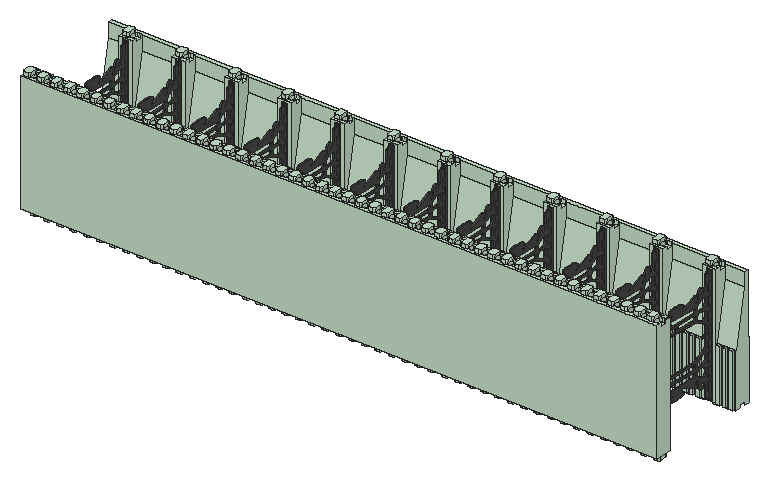
Revit family (continued)
Forms (in)
  Extrusion 172, solid, material "NUDURA Expanded Polystyrene Foam Insulation"
    sketch origin (0, 0, 0) x (1, 0, 0) y (0, 1, 0)
      loop
        line (6.28117, 3.25) -> (6.21883, 3) -> (6.78117, 3) -> (6.71883, 3.25) -> (6.28117, 3.25)
      loop
        line (7.28117, 3.25) -> (7.21883, 3) -> (7.78117, 3) -> (7.71883, 3.25) -> (7.28117, 3.25)
      loop
        line (8.28117, 3.25) -> (8.21883, 3) -> (8.78117, 3) -> (8.71883, 3.25) -> (8.28117, 3.25)
      loop
        line (9.28117, 3.25) -> (9.21883, 3) -> (9.78117, 3) -> (9.71883, 3.25) -> (9.28117, 3.25)
      loop
        line (10.28117, 3.25) -> (10.21883, 3) -> (10.78117, 3) -> (10.71883, 3.25) -> (10.28117, 3.25)
      loop
        line (13.28117, 3.25) -> (13.21883, 3) -> (13.78117, 3) -> (13.71883, 3.25) -> (13.28117, 3.25)
      loop
        line (14.28117, 3.25) -> (14.21883, 3) -> (14.78117, 3) -> (14.71883, 3.25) -> (14.28117, 3.25)
      loop
        line (15.28117, 3.25) -> (15.21883, 3) -> (15.78117, 3) -> (15.71883, 3.25) -> (15.28117, 3.25)
      loop
        line (16.28117, 3.25) -> (16.21883, 3) -> (16.78117, 3) -> (16.71883, 3.25) -> (16.28117, 3.25)
      loop
        line (17.28117, 3.25) -> (17.21883, 3) -> (17.78117, 3) -> (17.71883, 3.25) -> (17.28117, 3.25)
      loop
        line (18.28117, 3.25) -> (18.21883, 3) -> (18.78117, 3) -> (18.71883, 3.25) -> (18.28117, 3.25)
      loop
        line (21.28117, 3.25) -> (21.21883, 3) -> (21.78117, 3) -> (21.71883, 3.25) -> (21.28117, 3.25)
      loop
        line (22.28117, 3.25) -> (22.21883, 3) -> (22.78117, 3) -> (22.71883, 3.25) -> (22.28117, 3.25)
      loop
        line (23.28117, 3.25) -> (23.21883, 3) -> (23.78117, 3) -> (23.71883, 3.25) -> (23.28117, 3.25)
      loop
        line (24.28117, 3.25) -> (24.21883, 3) -> (24.78117, 3) -> (24.71883, 3.25) -> (24.28117, 3.25)
      loop
        line (25.28117, 3.25) -> (25.21883, 3) -> (25.78117, 3) -> (25.71883, 3.25) -> (25.28117, 3.25)
      loop
        line (26.28117, 3.25) -> (26.21883, 3) -> (26.78117, 3) -> (26.71883, 3.25) -> (26.28117, 3.25)
      loop
        line (29.28117, 3.25) -> (29.21883, 3) -> (29.78117, 3) -> (29.71883, 3.25) -> (29.28117, 3.25)
      loop
        line (30.28117, 3.25) -> (30.21883, 3) -> (30.78117, 3) -> (30.71883, 3.25) -> (30.28117, 3.25)
      loop
        line (31.28117, 3.25) -> (31.21883, 3) -> (31.78117, 3) -> (31.71883, 3.25) -> (31.28117, 3.25)
      loop
        line (32.28117, 3.25) -> (32.21883, 3) -> (32.78117, 3) -> (32.71883, 3.25) -> (32.28117, 3.25)
      loop
        line (33.28117, 3.25) -> (33.21883, 3) -> (33.78117, 3) -> (33.71883, 3.25) -> (33.28117, 3.25)
      loop
        line (34.28117, 3.25) -> (34.21883, 3) -> (34.78117, 3) -> (34.71883, 3.25) -> (34.28117, 3.25)
      loop
        line (37.28117, 3.25) -> (37.21883, 3) -> (37.78117, 3) -> (37.71883, 3.25) -> (37.28117, 3.25)
      loop
        line (38.28117, 3.25) -> (38.21883, 3) -> (38.78117, 3) -> (38.71883, 3.25) -> (38.28117, 3.25)
      loop
        line (39.28117, 3.25) -> (39.21883, 3) -> (39.78117, 3) -> (39.71883, 3.25) -> (39.28117, 3.25)
      loop
        line (40.28117, 3.25) -> (40.21883, 3) -> (40.78117, 3) -> (40.71883, 3.25) -> (40.28117, 3.25)
      loop
        line (41.28117, 3.25) -> (41.21883, 3) -> (41.78117, 3) -> (41.71883, 3.25) -> (41.28117, 3.25)
      loop
        line (42.28117, 3.25) -> (42.21883, 3) -> (42.78117, 3) -> (42.71883, 3.25) -> (42.28117, 3.25)
      loop
        line (45.28117, 3.25) -> (45.21883, 3) -> (45.78117, 3) -> (45.71883, 3.25) -> (45.28117, 3.25)
      loop
        line (46.28117, 3.25) -> (46.21883, 3) -> (46.78117, 3) -> (46.71883, 3.25) -> (46.28117, 3.25)
      loop
        line (47.28117, 3.25) -> (47.21883, 3) -> (47.78117, 3) -> (47.71883, 3.25) -> (47.28117, 3.25)
      loop
        line (48.28117, 3.25) -> (48.21883, 3) -> (48.78117, 3) -> (48.71883, 3.25) -> (48.28117, 3.25)
      loop
        line (49.28117, 3.25) -> (49.21883, 3) -> (49.78117, 3) -> (49.71883, 3.25) -> (49.28117, 3.25)
      loop
        line (50.28117, 3.25) -> (50.21883, 3) -> (50.78117, 3) -> (50.71883, 3.25) -> (50.28117, 3.25)
      loop
        line (53.28117, 3.25) -> (53.21883, 3) -> (53.78117, 3) -> (53.71883, 3.25) -> (53.28117, 3.25)
      loop
        line (54.28117, 3.25) -> (54.21883, 3) -> (54.78117, 3) -> (54.71883, 3.25) -> (54.28117, 3.25)
      loop
        line (55.28117, 3.25) -> (55.21883, 3) -> (55.78117, 3) -> (55.71883, 3.25) -> (55.28117, 3.25)
      loop
        line (56.28117, 3.25) -> (56.21883, 3) -> (56.78117, 3) -> (56.71883, 3.25) -> (56.28117, 3.25)
      loop
        line (57.28117, 3.25) -> (57.21883, 3) -> (57.78117, 3) -> (57.71883, 3.25) -> (57.28117, 3.25)
      loop
        line (58.28117, 3.25) -> (58.21883, 3) -> (58.78117, 3) -> (58.71883, 3.25) -> (58.28117, 3.25)
      loop
        line (61.28117, 3.25) -> (61.21883, 3) -> (61.78117, 3) -> (61.71883, 3.25) -> (61.28117, 3.25)
      loop
        line (62.28117, 3.25) -> (62.21883, 3) -> (62.78117, 3) -> (62.71883, 3.25) -> (62.28117, 3.25)
      loop
        line (63.28117, 3.25) -> (63.21883, 3) -> (63.78117, 3) -> (63.71883, 3.25) -> (63.28117, 3.25)
      loop
        line (64.28117, 3.25) -> (64.21883, 3) -> (64.78117, 3) -> (64.71883, 3.25) -> (64.28117, 3.25)
      loop
        line (65.28117, 3.25) -> (65.21883, 3) -> (65.78117, 3) -> (65.71883, 3.25) -> (65.28117, 3.25)
      loop
        line (66.28117, 3.25) -> (66.21883, 3) -> (66.78117, 3) -> (66.71883, 3.25) -> (66.28117, 3.25)
      loop
        line (69.28117, 3.25) -> (69.21883, 3) -> (69.78117, 3) -> (69.71883, 3.25) -> (69.28117, 3.25)
      loop
        line (70.28117, 3.25) -> (70.21883, 3) -> (70.78117, 3) -> (70.71883, 3.25) -> (70.28117, 3.25)
      loop
        line (71.28117, 3.25) -> (71.21883, 3) -> (71.78117, 3) -> (71.71883, 3.25) -> (71.28117, 3.25)
      loop
        line (72.28117, 3.25) -> (72.21883, 3) -> (72.78117, 3) -> (72.71883, 3.25) -> (72.28117, 3.25)
      loop
        line (73.28117, 3.25) -> (73.21883, 3) -> (73.78117, 3) -> (73.71883, 3.25) -> (73.28117, 3.25)
      loop
        line (74.28117, 3.25) -> (74.21883, 3) -> (74.78117, 3) -> (74.71883, 3.25) -> (74.28117, 3.25)
      loop
        line (77.28117, 3.25) -> (77.21883, 3) -> (77.78117, 3) -> (77.71883, 3.25) -> (77.28117, 3.25)
      loop
        line (78.28117, 3.25) -> (78.21883, 3) -> (78.78117, 3) -> (78.71883, 3.25) -> (78.28117, 3.25)
      loop
        line (79.28117, 3.25) -> (79.21883, 3) -> (79.78117, 3) -> (79.71883, 3.25) -> (79.28117, 3.25)
      loop
        line (80.28117, 3.25) -> (80.21883, 3) -> (80.78117, 3) -> (80.71883, 3.25) -> (80.28117, 3.25)
      loop
        line (81.28117, 3.25) -> (81.21883, 3) -> (81.78117, 3) -> (81.71883, 3.25) -> (81.28117, 3.25)
      loop
        line (82.28117, 3.25) -> (82.21883, 3) -> (82.78117, 3) -> (82.71883, 3.25) -> (82.28117, 3.25)
      loop
        line (85.28117, 3.25) -> (85.21883, 3) -> (85.78117, 3) -> (85.71883, 3.25) -> (85.28117, 3.25)
      loop
        line (86.28117, 3.25) -> (86.21883, 3) -> (86.78117, 3) -> (86.71883, 3.25) -> (86.28117, 3.25)
      loop
        line (87.28117, 3.25) -> (87.21883, 3) -> (87.78117, 3) -> (87.71883, 3.25) -> (87.28117, 3.25)
      loop
        line (88.28117, 3.25) -> (88.21883, 3) -> (88.78117, 3) -> (88.71883, 3.25) -> (88.28117, 3.25)
      loop
        line (89.28117, 3.25) -> (89.21883, 3) -> (89.78117, 3) -> (89.71883, 3.25) -> (89.28117, 3.25)
      loop
        line (90.28117, 3.25) -> (90.21883, 3) -> (90.78117, 3) -> (90.71883, 3.25) -> (90.28117, 3.25)
      loop
        line (93.28117, 3.25) -> (93.21883, 3) -> (93.78117, 3) -> (93.71883, 3.25) -> (93.28117, 3.25)
      loop
        line (94.28117, 3.25) -> (94.21883, 3) -> (94.78117, 3) -> (94.71883, 3.25) -> (94.28117, 3.25)
      loop
        line (95.28117, 3.25) -> (95.21883, 3) -> (95.78117, 3) -> (95.71883, 3.25) -> (95.28117, 3.25)
    from 0 to 8
Cuts and joins
  Extrusion 2, Extrusion 3, Extrusion 4, Extrusion 5, Extrusion 6, Extrusion 7, Extrusion 8, Extrusion 9, Extrusion 10, Extrusion 11, Extrusion 12, Extrusion 13, Extrusion 14, Extrusion 15, Extrusion 16, Extrusion 17, Extrusion 18, Extrusion 19, Extrusion 20, Extrusion 21, Extrusion 22, Extrusion 23, Extrusion 24, Extrusion 25, Extrusion 26, Extrusion 27, Extrusion 28, Extrusion 29, Extrusion 30, Extrusion 31, Extrusion 32, Extrusion 33, Extrusion 34, Extrusion 35, Extrusion 36, Extrusion 37, Extrusion 38, Extrusion 39, Extrusion 40, Extrusion 41, Extrusion 42, Extrusion 43, Extrusion 44, Extrusion 45, Extrusion 46, Extrusion 47, Extrusion 48, Extrusion 49, Extrusion 50, Extrusion 51, Extrusion 52, Extrusion 53, Extrusion 54, Extrusion 55, Extrusion 56, Extrusion 57, Extrusion 58, Extrusion 59, Extrusion 60, Extrusion 61, Extrusion 62, Extrusion 63, Extrusion 64, Extrusion 65, Extrusion 66, Extrusion 67, Extrusion 68, Extrusion 69, Extrusion 70, Extrusion 71, Extrusion 72, Extrusion 73, Extrusion 74, Extrusion 75, Extrusion 76, Extrusion 77, Extrusion 78, Extrusion 79, Extrusion 80, Extrusion 81, Extrusion 82, Extrusion 83, Extrusion 84, Extrusion 85, Extrusion 86, Extrusion 87, Extrusion 88, Extrusion 89, Extrusion 90, Extrusion 91, Extrusion 92, Extrusion 93, Extrusion 94, Extrusion 95, Extrusion 96, Extrusion 97, Extrusion 98, Extrusion 99, Extrusion 100, Extrusion 101, Extrusion 102, Extrusion 103, Extrusion 104, Extrusion 105, Extrusion 106, Extrusion 107, Extrusion 108, Extrusion 109, Extrusion 110, Extrusion 111, Extrusion 112, Extrusion 113, Extrusion 114, Extrusion 115, Extrusion 116, Extrusion 117, Extrusion 118, Extrusion 119, Extrusion 120, Extrusion 121, Extrusion 122, Extrusion 123, Extrusion 124, Extrusion 125, Extrusion 126, Extrusion 127, Extrusion 128, Extrusion 129, Extrusion 130, Extrusion 131, Extrusion 132, Extrusion 133, Extrusion 134, Extrusion 135, Extrusion 136, Extrusion 137, Extrusion 138, Extrusion 139, Extrusion 140, Extrusion 141, Extrusion 142, Extrusion 143, Extrusion 144, Extrusion 145, Extrusion 146, Extrusion 147, Extrusion 148, Extrusion 149, Extrusion 150, Extrusion 151, Extrusion 152, Extrusion 153, Extrusion 154, Extrusion 155, Extrusion 156, Extrusion 157 cuts Extrusion 1
  Extrusion 50, Extrusion 51, Extrusion 52, Extrusion 53, Extrusion 54, Extrusion 55, Extrusion 56, Extrusion 57, Extrusion 58, Extrusion 59, Extrusion 60, Extrusion 61, Extrusion 110, Extrusion 111, Extrusion 112, Extrusion 113, Extrusion 114, Extrusion 115, Extrusion 116, Extrusion 117, Extrusion 118, Extrusion 119, Extrusion 120, Extrusion 121, Extrusion 122, Extrusion 123, Extrusion 124, Extrusion 125, Extrusion 126, Extrusion 127, Extrusion 128, Extrusion 129, Extrusion 130, Extrusion 131, Extrusion 132, Extrusion 133, Extrusion 134, Extrusion 135, Extrusion 136, Extrusion 137, Extrusion 138, Extrusion 139, Extrusion 140, Extrusion 141, Extrusion 142, Extrusion 143, Extrusion 144, Extrusion 145, Extrusion 146, Extrusion 147, Extrusion 148, Extrusion 149, Extrusion 150, Extrusion 151, Extrusion 152, Extrusion 153, Extrusion 154, Extrusion 155, Extrusion 156, Extrusion 157 cuts Extrusion 158
  Extrusion 61 cuts Extrusion 159
  Extrusion 60 cuts Extrusion 160
  Extrusion 59 cuts Extrusion 161
  Extrusion 58 cuts Extrusion 162
  Extrusion 57 cuts Extrusion 163
  Extrusion 56 cuts Extrusion 164
  Extrusion 55 cuts Extrusion 165
  Extrusion 54 cuts Extrusion 166
  Extrusion 53 cuts Extrusion 167
  Extrusion 53 cuts Extrusion 168
  Extrusion 52 cuts Extrusion 169
  Extrusion 51 cuts Extrusion 170
  Extrusion 50 cuts Extrusion 171
  joined: Extrusion 158, Extrusion 159, Extrusion 160, Extrusion 161, Extrusion 162, Extrusion 163, Extrusion 164, Extrusion 165, Extrusion 166, Extrusion 167, Extrusion 168, Extrusion 169, Extrusion 170, Extrusion 171, Extrusion 172
Lines and regions (in)
  model lines
    curve 1: line (8, -11.625, 18) -> (8, -11.625, 0)
    curve 2: line (88, 5.625, 18) -> (88, 5.625, 0)
    curve 3: line (64, 5.625, 18) -> (64, 5.625, 0)
    curve 4: line (40, 5.625, 18) -> (40, 5.625, 0)
    curve 5: line (16, 5.625, 18) -> (16, 5.625, 0)
Dimensions and locks (in)
  locked: plane 3 "Center (Left/Right)" to plane 4 at 96
  locked: plane 5 to plane 7 at 2.625
  locked: plane 8 to plane 6 at 2.625
  locked: plane 9 to level at 18
  locked: plane 4 to plane 3 "Center (Left/Right)" at 96
  locked: plane 9 to plane 10 at 0.5
  locked: plane 11 to level at 0.5
  locked: plane 6 to plane 5 at 12
  aligned and locked: plane 9 to Extrusion 1
  aligned and locked: Extrusion 1 to plane 3 "Center (Left/Right)"
  aligned and locked: plane 4 to Extrusion 1
  aligned and locked: level to Extrusion 1
  aligned and locked: nested 1 to plane 8
  aligned and locked: nested 124 to cut or joined group 1 (Extrusion 1, Extrusion 2, Extrusion 3, Extrusion 4, Extrusion 5, Extrusion 6, Extrusion 7, Extrusion 8, Extrusion 9, Extrusion 10, Extrusion 11, Extrusion 12, Extrusion 13, Extrusion 14, Extrusion 15, Extrusion 16, Extrusion 17, Extrusion 18, Extrusion 19, Extrusion 20, Extrusion 21, Extrusion 22, Extrusion 23, Extrusion 24, Extrusion 25, Extrusion 26, Extrusion 27, Extrusion 28, Extrusion 29, Extrusion 30, Extrusion 31, Extrusion 32, Extrusion 33, Extrusion 34, Extrusion 35, Extrusion 36, Extrusion 37, Extrusion 38, Extrusion 39, Extrusion 40, Extrusion 41, Extrusion 42, Extrusion 43, Extrusion 44, Extrusion 45, Extrusion 46, Extrusion 47, Extrusion 48, Extrusion 49, Extrusion 50, Extrusion 51, Extrusion 52, Extrusion 53, Extrusion 54, Extrusion 55, Extrusion 56, Extrusion 57, Extrusion 58, Extrusion 59, Extrusion 60, Extrusion 61, Extrusion 62, Extrusion 63, Extrusion 64, Extrusion 65, Extrusion 66, Extrusion 67, Extrusion 68, Extrusion 69, Extrusion 70, Extrusion 71, Extrusion 72, Extrusion 73, Extrusion 74, Extrusion 75, Extrusion 76, Extrusion 77, Extrusion 78, Extrusion 79, Extrusion 80, Extrusion 81, Extrusion 82, Extrusion 83, Extrusion 84, Extrusion 85, Extrusion 86, Extrusion 87, Extrusion 88, Extrusion 89, Extrusion 90, Extrusion 91, Extrusion 92, Extrusion 93, Extrusion 94, Extrusion 95, Extrusion 96, Extrusion 97, Extrusion 98, Extrusion 99, Extrusion 100, Extrusion 101, Extrusion 102, Extrusion 103, Extrusion 104, Extrusion 105, Extrusion 106, Extrusion 107, Extrusion 108, Extrusion 109, Extrusion 110, Extrusion 111, Extrusion 112, Extrusion 113, Extrusion 114, Extrusion 115, Extrusion 116, Extrusion 117, Extrusion 118, Extrusion 119, Extrusion 120, Extrusion 121, Extrusion 122, Extrusion 123, Extrusion 124, Extrusion 125, Extrusion 126, Extrusion 127, Extrusion 128, Extrusion 129, Extrusion 130, Extrusion 131, Extrusion 132, Extrusion 133, Extrusion 134, Extrusion 135, Extrusion 136, Extrusion 137, Extrusion 138, Extrusion 139, Extrusion 140, Extrusion 141, Extrusion 142, Extrusion 143, Extrusion 144, Extrusion 145, Extrusion 146, Extrusion 147, Extrusion 148, Extrusion 149, Extrusion 150, Extrusion 151, Extrusion 152, Extrusion 153, Extrusion 154, Extrusion 155, Extrusion 156, Extrusion 157)
  aligned and locked: nested 269 to cut or joined group 1
  aligned and locked: cut or joined group 1 to nested 270
  aligned and locked: cut or joined group 1 to nested 271
  aligned and locked: cut or joined group 1 to nested 272
  aligned and locked: nested 6 to cut or joined group 1
Nested families (in)
  nested 1: "NUDURA Diamond Pattern" at (0, -6, 0), type "NUDURA Diamond Pattern"
  nested 2: "NUDURA Diamond Pattern" at (16, -6, 0), type "NUDURA Diamond Pattern"
  nested 3: "NUDURA Diamond Pattern" at (24, -6, 0), type "NUDURA Diamond Pattern"
  nested 4: "NUDURA Diamond Pattern" at (40, -6, 0), type "NUDURA Diamond Pattern"
  nested 5: "NUDURA Diamond Pattern" at (48, -6, 0), type "NUDURA Diamond Pattern"
  nested 6: "NUDURA Diamond Pattern" at (64, -6, 0), type "NUDURA Diamond Pattern"
  nested 7: "NUDURA Diamond Pattern" at (72, -6, 0), type "NUDURA Diamond Pattern"
  nested 8: "NUDURA Diamond Pattern" at (88, -6, 0), type "NUDURA Diamond Pattern"
  nested 9: "NUDURA Diamond Pattern" at (0, 0, 0), type "NUDURA Diamond Pattern"
  nested 10: "NUDURA Diamond Pattern" at (16, 0, 0), type "NUDURA Diamond Pattern"
  nested 11: "NUDURA Diamond Pattern" at (24, 0, 0), type "NUDURA Diamond Pattern"
  nested 12: "NUDURA Diamond Pattern" at (40, 0, 0), type "NUDURA Diamond Pattern"
  nested 13: "NUDURA Diamond Pattern" at (48, 0, 0), type "NUDURA Diamond Pattern"
  nested 14: "NUDURA Diamond Pattern" at (64, 0, 0), type "NUDURA Diamond Pattern"
  nested 15: "NUDURA Diamond Pattern" at (72, 0, 0), type "NUDURA Diamond Pattern"
  nested 16: "NUDURA Diamond Pattern" at (88, 0, 0), type "NUDURA Diamond Pattern"
  nested 17: "Interlock Tooth" at (0, -6, 0), type "Interlock Tooth"
  nested 18: "Interlock Tooth" at (2, -6, 0), type "Interlock Tooth"
  nested 19: "Interlock Tooth" at (4, -6, 0), type "Interlock Tooth"
  nested 20: "Interlock Tooth" at (6, -6, 0), type "Interlock Tooth"
  nested 21: "Interlock Tooth" at (8, -6, 0), type "Interlock Tooth"
  nested 22: "Interlock Tooth" at (10, -6, 0), type "Interlock Tooth"
  nested 23: "Interlock Tooth" at (12, -6, 0), type "Interlock Tooth"
  nested 24: "Interlock Tooth" at (14, -6, 0), type "Interlock Tooth"
  nested 25: "Interlock Tooth" at (16, -6, 0), type "Interlock Tooth"
  nested 26: "Interlock Tooth" at (18, -6, 0), type "Interlock Tooth"
  nested 27: "Interlock Tooth" at (20, -6, 0), type "Interlock Tooth"
  nested 28: "Interlock Tooth" at (22, -6, 0), type "Interlock Tooth"
  nested 29: "Interlock Tooth" at (24, -6, 0), type "Interlock Tooth"
  nested 30: "Interlock Tooth" at (26, -6, 0), type "Interlock Tooth"
  nested 31: "Interlock Tooth" at (28, -6, 0), type "Interlock Tooth"
  nested 32: "Interlock Tooth" at (30, -6, 0), type "Interlock Tooth"
  nested 33: "Interlock Tooth" at (32, -6, 0), type "Interlock Tooth"
  nested 34: "Interlock Tooth" at (34, -6, 0), type "Interlock Tooth"
  nested 35: "Interlock Tooth" at (36, -6, 0), type "Interlock Tooth"
  nested 36: "Interlock Tooth" at (38, -6, 0), type "Interlock Tooth"
  nested 37: "Interlock Tooth" at (40, -6, 0), type "Interlock Tooth"
  nested 38: "Interlock Tooth" at (42, -6, 0), type "Interlock Tooth"
  nested 39: "Interlock Tooth" at (44, -6, 0), type "Interlock Tooth"
  nested 40: "Interlock Tooth" at (46, -6, 0), type "Interlock Tooth"
  nested 41: "Interlock Tooth" at (48, -6, 0), type "Interlock Tooth"
  nested 42: "Interlock Tooth" at (50, -6, 0), type "Interlock Tooth"
  nested 43: "Interlock Tooth" at (52, -6, 0), type "Interlock Tooth"
  nested 44: "Interlock Tooth" at (54, -6, 0), type "Interlock Tooth"
  nested 45: "Interlock Tooth" at (56, -6, 0), type "Interlock Tooth"
  nested 46: "Interlock Tooth" at (58, -6, 0), type "Interlock Tooth"
  nested 47: "Interlock Tooth" at (60, -6, 0), type "Interlock Tooth"
  nested 48: "Interlock Tooth" at (62, -6, 0), type "Interlock Tooth"
  nested 49: "Interlock Tooth" at (64, -6, 0), type "Interlock Tooth"
  nested 50: "Interlock Tooth" at (66, -6, 0), type "Interlock Tooth"
  nested 51: "Interlock Tooth" at (68, -6, 0), type "Interlock Tooth"
  nested 52: "Interlock Tooth" at (70, -6, 0), type "Interlock Tooth"
  nested 53: "Interlock Tooth" at (72, -6, 0), type "Interlock Tooth"
  nested 54: "Interlock Tooth" at (74, -6, 0), type "Interlock Tooth"
  nested 55: "Interlock Tooth" at (76, -6, 0), type "Interlock Tooth"
  nested 56: "Interlock Tooth" at (78, -6, 0), type "Interlock Tooth"
  nested 57: "Interlock Tooth" at (80, -6, 0), type "Interlock Tooth"
  nested 58: "Interlock Tooth" at (82, -6, 0), type "Interlock Tooth"
  nested 59: "Interlock Tooth" at (84, -6, 0), type "Interlock Tooth"
  nested 60: "Interlock Tooth" at (86, -6, 0), type "Interlock Tooth"
  nested 61: "Interlock Tooth" at (88, -6, 0), type "Interlock Tooth"
  nested 62: "Interlock Tooth" at (90, -6, 0), type "Interlock Tooth"
  nested 63: "Interlock Tooth" at (92, -6, 0), type "Interlock Tooth"
  nested 64: "Interlock Tooth" at (94, -6, 0), type "Interlock Tooth"
  nested 65: "Interlock Tooth" at (3, 8.875, 0), type "Interlock Tooth"
  nested 66: "Interlock Tooth" at (11, 8.875, 0), type "Interlock Tooth"
  nested 67: "Interlock Tooth" at (19, 8.875, 0), type "Interlock Tooth"
  nested 68: "Interlock Tooth" at (27, 8.875, 0), type "Interlock Tooth"
  nested 69: "Interlock Tooth" at (35, 8.875, 0), type "Interlock Tooth"
  nested 70: "Interlock Tooth" at (43, 8.875, 0), type "Interlock Tooth"
  nested 71: "Interlock Tooth" at (51, 8.875, 0), type "Interlock Tooth"
  nested 72: "Interlock Tooth" at (59, 8.875, 0), type "Interlock Tooth"
  nested 73: "Interlock Tooth" at (67, 8.875, 0), type "Interlock Tooth"
  nested 74: "Interlock Tooth" at (75, 8.875, 0), type "Interlock Tooth"
  nested 75: "Interlock Tooth" at (83, 8.875, 0), type "Interlock Tooth"
  nested 76: "Interlock Tooth" at (91, 8.875, 0), type "Interlock Tooth"
  nested 77: "Interlock Tooth" at (1, -14.875, -18.5), type "Interlock Tooth"
  nested 78: "Interlock Tooth" at (3, -14.875, -18.5), type "Interlock Tooth"
  nested 79: "Interlock Tooth" at (5, -14.875, -18.5), type "Interlock Tooth"
  nested 80: "Interlock Tooth" at (7, -14.875, -18.5), type "Interlock Tooth"
  nested 81: "Interlock Tooth" at (9, -14.875, -18.5), type "Interlock Tooth"
  nested 82: "Interlock Tooth" at (11, -14.875, -18.5), type "Interlock Tooth"
  nested 83: "Interlock Tooth" at (13, -14.875, -18.5), type "Interlock Tooth"
  nested 84: "Interlock Tooth" at (15, -14.875, -18.5), type "Interlock Tooth"
  nested 85: "Interlock Tooth" at (17, -14.875, -18.5), type "Interlock Tooth"
  nested 86: "Interlock Tooth" at (19, -14.875, -18.5), type "Interlock Tooth"
  nested 87: "Interlock Tooth" at (21, -14.875, -18.5), type "Interlock Tooth"
  nested 88: "Interlock Tooth" at (23, -14.875, -18.5), type "Interlock Tooth"
  nested 89: "Interlock Tooth" at (25, -14.875, -18.5), type "Interlock Tooth"
  nested 90: "Interlock Tooth" at (27, -14.875, -18.5), type "Interlock Tooth"
  nested 91: "Interlock Tooth" at (29, -14.875, -18.5), type "Interlock Tooth"
  nested 92: "Interlock Tooth" at (31, -14.875, -18.5), type "Interlock Tooth"
  nested 93: "Interlock Tooth" at (33, -14.875, -18.5), type "Interlock Tooth"
  nested 94: "Interlock Tooth" at (35, -14.875, -18.5), type "Interlock Tooth"
  nested 95: "Interlock Tooth" at (37, -14.875, -18.5), type "Interlock Tooth"
  nested 96: "Interlock Tooth" at (39, -14.875, -18.5), type "Interlock Tooth"
  nested 97: "Interlock Tooth" at (41, -14.875, -18.5), type "Interlock Tooth"
  nested 98: "Interlock Tooth" at (43, -14.875, -18.5), type "Interlock Tooth"
  nested 99: "Interlock Tooth" at (45, -14.875, -18.5), type "Interlock Tooth"
  nested 100: "Interlock Tooth" at (47, -14.875, -18.5), type "Interlock Tooth"
  nested 101: "Interlock Tooth" at (49, -14.875, -18.5), type "Interlock Tooth"
  nested 102: "Interlock Tooth" at (51, -14.875, -18.5), type "Interlock Tooth"
  nested 103: "Interlock Tooth" at (53, -14.875, -18.5), type "Interlock Tooth"
  nested 104: "Interlock Tooth" at (55, -14.875, -18.5), type "Interlock Tooth"
  nested 105: "Interlock Tooth" at (57, -14.875, -18.5), type "Interlock Tooth"
  nested 106: "Interlock Tooth" at (59, -14.875, -18.5), type "Interlock Tooth"
  nested 107: "Interlock Tooth" at (61, -14.875, -18.5), type "Interlock Tooth"
  nested 108: "Interlock Tooth" at (63, -14.875, -18.5), type "Interlock Tooth"
  nested 109: "Interlock Tooth" at (65, -14.875, -18.5), type "Interlock Tooth"
  nested 110: "Interlock Tooth" at (67, -14.875, -18.5), type "Interlock Tooth"
  nested 111: "Interlock Tooth" at (69, -14.875, -18.5), type "Interlock Tooth"
  nested 112: "Interlock Tooth" at (71, -14.875, -18.5), type "Interlock Tooth"
  nested 113: "Interlock Tooth" at (73, -14.875, -18.5), type "Interlock Tooth"
  nested 114: "Interlock Tooth" at (75, -14.875, -18.5), type "Interlock Tooth"
  nested 115: "Interlock Tooth" at (77, -14.875, -18.5), type "Interlock Tooth"
  nested 116: "Interlock Tooth" at (79, -14.875, -18.5), type "Interlock Tooth"
  nested 117: "Interlock Tooth" at (81, -14.875, -18.5), type "Interlock Tooth"
  nested 118: "Interlock Tooth" at (83, -14.875, -18.5), type "Interlock Tooth"
  nested 119: "Interlock Tooth" at (85, -14.875, -18.5), type "Interlock Tooth"
  nested 120: "Interlock Tooth" at (87, -14.875, -18.5), type "Interlock Tooth"
  nested 121: "Interlock Tooth" at (89, -14.875, -18.5), type "Interlock Tooth"
  nested 122: "Interlock Tooth" at (91, -14.875, -18.5), type "Interlock Tooth"
  nested 123: "Interlock Tooth" at (93, -14.875, -18.5), type "Interlock Tooth"
  nested 124: "Interlock Tooth" at (95, -14.875, -18.5), type "Interlock Tooth"
  nested 125: "Interlock Tooth" at (0, 0, -18.5), type "Interlock Tooth"
  nested 126: "Interlock Tooth" at (2, 0, -18.5), type "Interlock Tooth"
  nested 127: "Interlock Tooth" at (4, 0, -18.5), type "Interlock Tooth"
  nested 128: "Interlock Tooth" at (6, 0, -18.5), type "Interlock Tooth"
  nested 129: "Interlock Tooth" at (8, 0, -18.5), type "Interlock Tooth"
  nested 130: "Interlock Tooth" at (10, 0, -18.5), type "Interlock Tooth"
  nested 131: "Interlock Tooth" at (12, 0, -18.5), type "Interlock Tooth"
  nested 132: "Interlock Tooth" at (14, 0, -18.5), type "Interlock Tooth"
  nested 133: "Interlock Tooth" at (16, 0, -18.5), type "Interlock Tooth"
  nested 134: "Interlock Tooth" at (18, 0, -18.5), type "Interlock Tooth"
  nested 135: "Interlock Tooth" at (20, 0, -18.5), type "Interlock Tooth"
  nested 136: "Interlock Tooth" at (22, 0, -18.5), type "Interlock Tooth"
  nested 137: "Interlock Tooth" at (24, 0, -18.5), type "Interlock Tooth"
  nested 138: "Interlock Tooth" at (26, 0, -18.5), type "Interlock Tooth"
  nested 139: "Interlock Tooth" at (28, 0, -18.5), type "Interlock Tooth"
  nested 140: "Interlock Tooth" at (30, 0, -18.5), type "Interlock Tooth"
  nested 141: "Interlock Tooth" at (32, 0, -18.5), type "Interlock Tooth"
  nested 142: "Interlock Tooth" at (34, 0, -18.5), type "Interlock Tooth"
  nested 143: "Interlock Tooth" at (36, 0, -18.5), type "Interlock Tooth"
  nested 144: "Interlock Tooth" at (38, 0, -18.5), type "Interlock Tooth"
  nested 145: "Interlock Tooth" at (40, 0, -18.5), type "Interlock Tooth"
  nested 146: "Interlock Tooth" at (42, 0, -18.5), type "Interlock Tooth"
  nested 147: "Interlock Tooth" at (44, 0, -18.5), type "Interlock Tooth"
  nested 148: "Interlock Tooth" at (46, 0, -18.5), type "Interlock Tooth"
  nested 149: "Interlock Tooth" at (48, 0, -18.5), type "Interlock Tooth"
  nested 150: "Interlock Tooth" at (50, 0, -18.5), type "Interlock Tooth"
  nested 151: "Interlock Tooth" at (52, 0, -18.5), type "Interlock Tooth"
  nested 152: "Interlock Tooth" at (54, 0, -18.5), type "Interlock Tooth"
  nested 153: "Interlock Tooth" at (56, 0, -18.5), type "Interlock Tooth"
  nested 154: "Interlock Tooth" at (58, 0, -18.5), type "Interlock Tooth"
  nested 155: "Interlock Tooth" at (60, 0, -18.5), type "Interlock Tooth"
  nested 156: "Interlock Tooth" at (62, 0, -18.5), type "Interlock Tooth"
  nested 157: "Interlock Tooth" at (64, 0, -18.5), type "Interlock Tooth"
  nested 158: "Interlock Tooth" at (66, 0, -18.5), type "Interlock Tooth"
  nested 159: "Interlock Tooth" at (68, 0, -18.5), type "Interlock Tooth"
  nested 160: "Interlock Tooth" at (70, 0, -18.5), type "Interlock Tooth"
  nested 161: "Interlock Tooth" at (72, 0, -18.5), type "Interlock Tooth"
  nested 162: "Interlock Tooth" at (74, 0, -18.5), type "Interlock Tooth"
  nested 163: "Interlock Tooth" at (76, 0, -18.5), type "Interlock Tooth"
  nested 164: "Interlock Tooth" at (78, 0, -18.5), type "Interlock Tooth"
  nested 165: "Interlock Tooth" at (80, 0, -18.5), type "Interlock Tooth"
  nested 166: "Interlock Tooth" at (82, 0, -18.5), type "Interlock Tooth"
  nested 167: "Interlock Tooth" at (84, 0, -18.5), type "Interlock Tooth"
  nested 168: "Interlock Tooth" at (86, 0, -18.5), type "Interlock Tooth"
  nested 169: "Interlock Tooth" at (88, 0, -18.5), type "Interlock Tooth"
  nested 170: "Interlock Tooth" at (90, 0, -18.5), type "Interlock Tooth"
  nested 171: "Interlock Tooth" at (92, 0, -18.5), type "Interlock Tooth"
  nested 172: "Interlock Tooth" at (94, 0, -18.5), type "Interlock Tooth"
  nested 173: "Interlock Tooth" at (0, 0, 0), type "Interlock Tooth", not visible
  nested 174: "Interlock Tooth" at (2, 0, 0), type "Interlock Tooth", not visible
  nested 175: "Interlock Tooth" at (4, 0, 0), type "Interlock Tooth", not visible
  nested 176: "Interlock Tooth" at (6, 0, 0), type "Interlock Tooth", not visible
  nested 177: "Interlock Tooth" at (8, 0, 0), type "Interlock Tooth", not visible
  nested 178: "Interlock Tooth" at (10, 0, 0), type "Interlock Tooth", not visible
  nested 179: "Interlock Tooth" at (12, 0, 0), type "Interlock Tooth", not visible
  nested 180: "Interlock Tooth" at (14, 0, 0), type "Interlock Tooth", not visible
  nested 181: "Interlock Tooth" at (16, 0, 0), type "Interlock Tooth", not visible
  nested 182: "Interlock Tooth" at (18, 0, 0), type "Interlock Tooth", not visible
  nested 183: "Interlock Tooth" at (20, 0, 0), type "Interlock Tooth", not visible
  nested 184: "Interlock Tooth" at (22, 0, 0), type "Interlock Tooth", not visible
  nested 185: "Interlock Tooth" at (24, 0, 0), type "Interlock Tooth", not visible
  nested 186: "Interlock Tooth" at (26, 0, 0), type "Interlock Tooth", not visible
  nested 187: "Interlock Tooth" at (28, 0, 0), type "Interlock Tooth", not visible
  nested 188: "Interlock Tooth" at (30, 0, 0), type "Interlock Tooth", not visible
  nested 189: "Interlock Tooth" at (32, 0, 0), type "Interlock Tooth", not visible
  nested 190: "Interlock Tooth" at (34, 0, 0), type "Interlock Tooth", not visible
  nested 191: "Interlock Tooth" at (36, 0, 0), type "Interlock Tooth", not visible
  nested 192: "Interlock Tooth" at (38, 0, 0), type "Interlock Tooth", not visible
  nested 193: "Interlock Tooth" at (40, 0, 0), type "Interlock Tooth", not visible
  nested 194: "Interlock Tooth" at (42, 0, 0), type "Interlock Tooth", not visible
  nested 195: "Interlock Tooth" at (44, 0, 0), type "Interlock Tooth", not visible
  nested 196: "Interlock Tooth" at (46, 0, 0), type "Interlock Tooth", not visible
  nested 197: "Interlock Tooth" at (48, 0, 0), type "Interlock Tooth", not visible
  nested 198: "Interlock Tooth" at (50, 0, 0), type "Interlock Tooth", not visible
  nested 199: "Interlock Tooth" at (52, 0, 0), type "Interlock Tooth", not visible
  nested 200: "Interlock Tooth" at (54, 0, 0), type "Interlock Tooth", not visible
  nested 201: "Interlock Tooth" at (56, 0, 0), type "Interlock Tooth", not visible
  nested 202: "Interlock Tooth" at (58, 0, 0), type "Interlock Tooth", not visible
  nested 203: "Interlock Tooth" at (60, 0, 0), type "Interlock Tooth", not visible
  nested 204: "Interlock Tooth" at (62, 0, 0), type "Interlock Tooth", not visible
  nested 205: "Interlock Tooth" at (64, 0, 0), type "Interlock Tooth", not visible
  nested 206: "Interlock Tooth" at (66, 0, 0), type "Interlock Tooth", not visible
  nested 207: "Interlock Tooth" at (68, 0, 0), type "Interlock Tooth", not visible
  nested 208: "Interlock Tooth" at (70, 0, 0), type "Interlock Tooth", not visible
  nested 209: "Interlock Tooth" at (72, 0, 0), type "Interlock Tooth", not visible
  nested 210: "Interlock Tooth" at (74, 0, 0), type "Interlock Tooth", not visible
  nested 211: "Interlock Tooth" at (76, 0, 0), type "Interlock Tooth", not visible
  nested 212: "Interlock Tooth" at (78, 0, 0), type "Interlock Tooth", not visible
  nested 213: "Interlock Tooth" at (80, 0, 0), type "Interlock Tooth", not visible
  nested 214: "Interlock Tooth" at (82, 0, 0), type "Interlock Tooth", not visible
  nested 215: "Interlock Tooth" at (84, 0, 0), type "Interlock Tooth", not visible
  nested 216: "Interlock Tooth" at (86, 0, 0), type "Interlock Tooth", not visible
  nested 217: "Interlock Tooth" at (88, 0, 0), type "Interlock Tooth", not visible
  nested 218: "Interlock Tooth" at (90, 0, 0), type "Interlock Tooth", not visible
  nested 219: "Interlock Tooth" at (92, 0, 0), type "Interlock Tooth", not visible
  nested 220: "Interlock Tooth" at (94, 0, 0), type "Interlock Tooth", not visible
  nested 221: "Interlock Tooth" at (1, 8.875, 0), type "Interlock Tooth", not visible
  nested 222: "Interlock Tooth" at (3, 8.875, 0), type "Interlock Tooth", not visible
  nested 223: "Interlock Tooth" at (5, 8.875, 0), type "Interlock Tooth", not visible
  nested 224: "Interlock Tooth" at (7, 8.875, 0), type "Interlock Tooth", not visible
  nested 225: "Interlock Tooth" at (9, 8.875, 0), type "Interlock Tooth", not visible
  nested 226: "Interlock Tooth" at (11, 8.875, 0), type "Interlock Tooth", not visible
  nested 227: "Interlock Tooth" at (13, 8.875, 0), type "Interlock Tooth", not visible
  nested 228: "Interlock Tooth" at (15, 8.875, 0), type "Interlock Tooth", not visible
  nested 229: "Interlock Tooth" at (17, 8.875, 0), type "Interlock Tooth", not visible
  nested 230: "Interlock Tooth" at (19, 8.875, 0), type "Interlock Tooth", not visible
  nested 231: "Interlock Tooth" at (21, 8.875, 0), type "Interlock Tooth", not visible
  nested 232: "Interlock Tooth" at (23, 8.875, 0), type "Interlock Tooth", not visible
  nested 233: "Interlock Tooth" at (25, 8.875, 0), type "Interlock Tooth", not visible
  nested 234: "Interlock Tooth" at (27, 8.875, 0), type "Interlock Tooth", not visible
  nested 235: "Interlock Tooth" at (29, 8.875, 0), type "Interlock Tooth", not visible
  nested 236: "Interlock Tooth" at (31, 8.875, 0), type "Interlock Tooth", not visible
  nested 237: "Interlock Tooth" at (33, 8.875, 0), type "Interlock Tooth", not visible
  nested 238: "Interlock Tooth" at (35, 8.875, 0), type "Interlock Tooth", not visible
  nested 239: "Interlock Tooth" at (37, 8.875, 0), type "Interlock Tooth", not visible
  nested 240: "Interlock Tooth" at (39, 8.875, 0), type "Interlock Tooth", not visible
  nested 241: "Interlock Tooth" at (41, 8.875, 0), type "Interlock Tooth", not visible
  nested 242: "Interlock Tooth" at (43, 8.875, 0), type "Interlock Tooth", not visible
  nested 243: "Interlock Tooth" at (45, 8.875, 0), type "Interlock Tooth", not visible
  nested 244: "Interlock Tooth" at (47, 8.875, 0), type "Interlock Tooth", not visible
  nested 245: "Interlock Tooth" at (49, 8.875, 0), type "Interlock Tooth", not visible
  nested 246: "Interlock Tooth" at (51, 8.875, 0), type "Interlock Tooth", not visible
  nested 247: "Interlock Tooth" at (53, 8.875, 0), type "Interlock Tooth", not visible
  nested 248: "Interlock Tooth" at (55, 8.875, 0), type "Interlock Tooth", not visible
  nested 249: "Interlock Tooth" at (57, 8.875, 0), type "Interlock Tooth", not visible
  nested 250: "Interlock Tooth" at (59, 8.875, 0), type "Interlock Tooth", not visible
  nested 251: "Interlock Tooth" at (61, 8.875, 0), type "Interlock Tooth", not visible
  nested 252: "Interlock Tooth" at (63, 8.875, 0), type "Interlock Tooth", not visible
  nested 253: "Interlock Tooth" at (65, 8.875, 0), type "Interlock Tooth", not visible
  nested 254: "Interlock Tooth" at (67, 8.875, 0), type "Interlock Tooth", not visible
  nested 255: "Interlock Tooth" at (69, 8.875, 0), type "Interlock Tooth", not visible
  nested 256: "Interlock Tooth" at (71, 8.875, 0), type "Interlock Tooth", not visible
  nested 257: "Interlock Tooth" at (73, 8.875, 0), type "Interlock Tooth", not visible
  nested 258: "Interlock Tooth" at (75, 8.875, 0), type "Interlock Tooth", not visible
  nested 259: "Interlock Tooth" at (77, 8.875, 0), type "Interlock Tooth", not visible
  nested 260: "Interlock Tooth" at (79, 8.875, 0), type "Interlock Tooth", not visible
  nested 261: "Interlock Tooth" at (81, 8.875, 0), type "Interlock Tooth", not visible
  nested 262: "Interlock Tooth" at (83, 8.875, 0), type "Interlock Tooth", not visible
  nested 263: "Interlock Tooth" at (85, 8.875, 0), type "Interlock Tooth", not visible
  nested 264: "Interlock Tooth" at (87, 8.875, 0), type "Interlock Tooth", not visible
  nested 265: "Interlock Tooth" at (89, 8.875, 0), type "Interlock Tooth", not visible
  nested 266: "Interlock Tooth" at (91, 8.875, 0), type "Interlock Tooth", not visible
  nested 267: "Interlock Tooth" at (93, 8.875, 0), type "Interlock Tooth", not visible
  nested 268: "Interlock Tooth" at (95, 8.875, 0), type "Interlock Tooth", not visible
  nested 269: "NUDURA Logo Diamond" at (0, -11.625, 0), type "NUDURA Logo Diamond"
  nested 270: "NUDURA Logo Diamond" at (24, -11.625, 0), type "NUDURA Logo Diamond"
  nested 271: "NUDURA Logo Diamond" at (48, -11.625, 0), type "NUDURA Logo Diamond"
  nested 272: "NUDURA Logo Diamond" at (72, -11.625, 0), type "NUDURA Logo Diamond"
  nested 273: "NUDURA Logo Diamond" at (95.99744, 5.625, 0) x (-1, 0, 0) z (0, 0, 1), type "NUDURA Logo Diamond"
  nested 274: "NUDURA Logo Diamond" at (71.99744, 5.625, 0) x (-1, 0, 0) z (0, 0, 1), type "NUDURA Logo Diamond"
  nested 275: "NUDURA Logo Diamond" at (47.99744, 5.625, 0) x (-1, 0, 0) z (0, 0, 1), type "NUDURA Logo Diamond"
  nested 276: "NUDURA Logo Diamond" at (23.99744, 5.625, 0) x (-1, 0, 0) z (0, 0, 1), type "NUDURA Logo Diamond"
  nested 277: "12-inch Insert Web" at (4, -3, 0), type "12-inch Insert Web"
  nested 278: "12-inch Insert Web" at (12, -3, 0), type "12-inch Insert Web"
  nested 279: "12-inch Insert Web" at (20, -3, 0), type "12-inch Insert Web"
  nested 280: "12-inch Insert Web" at (28, -3, 0), type "12-inch Insert Web"
  nested 281: "12-inch Insert Web" at (44, -3, 0), type "12-inch Insert Web"
  nested 282: "12-inch Insert Web" at (52, -3, 0), type "12-inch Insert Web"
  nested 283: "12-inch Insert Web" at (36, -3, 0), type "12-inch Insert Web"
  nested 284: "12-inch Insert Web" at (60, -3, 0), type "12-inch Insert Web"
  nested 285: "12-inch Insert Web" at (68, -3, 0), type "12-inch Insert Web"
  nested 286: "12-inch Insert Web" at (76, -3, 0), type "12-inch Insert Web"
  nested 287: "12-inch Insert Web" at (84, -3, 0), type "12-inch Insert Web"
  nested 288: "12-inch Insert Web" at (92, -3, 0), type "12-inch Insert Web"
Definition of nested family "Interlock Tooth"
  Reference planes (in)
    plane 1 "Center (Front/Back)": y = 0
    plane 2: z = 0
    plane 3 "Center (Left/Right)": x = 0
    plane 4: z = 18
    plane 5: z = 18.5
    plane 6: z = -0.5
  Forms (in)
    Extrusion 1, solid, material "NUDURA Expanded Polystyrene Foam Insulation"
      sketch origin (0, -8.875, 0) x (1, 0, 0) y (0, 1, 0)
        loop
          arc (0, 3.97692) -> (0.04785, 3.82983) -> (0.17308, 3.73905) r 0.25
          arc (0.17308, 3.73905) -> (0.5, 3.6875) -> (0.82692, 3.73905) r 1.0625
          arc (0.82692, 3.73905) -> (0.95215, 3.82983) -> (1, 3.97692) r 0.25
          line (1, 3.97692) -> (1, 4.89808)
          arc (1, 4.89808) -> (0.95215, 5.04517) -> (0.82692, 5.13595) r 0.25
          arc (0.82692, 5.13595) -> (0.5, 5.1875) -> (0.17308, 5.13595) r 1.0625
          arc (0.17308, 5.13595) -> (0.04785, 5.04517) -> (0, 4.89808) r 0.25
          line (0, 4.89808) -> (0, 3.97692)
      from 18 to 18.5
  Dimensions and locks (in)
    locked: plane 4 to level at 18
    locked: plane 4 to plane 5 at 0.5
    locked: plane 6 to level at 0.5
Definition of nested family "12-inch Insert Web"
  Reference planes (in)
    plane 1 "Center (Front/Back)": y = 0
    plane 2: z = 0
    plane 3 "Center (Left/Right)": x = 0
  Forms (in)
    Extrusion 1, solid, material "High Density Polystyrene"
      sketch origin (0, 0, 0) x (0, 1, 0) y (0, 0, 1)
        loop
          line (6.25, 0) -> (6.25, 17.74583)
          arc (6.25, 17.74583) -> (6.22112, 17.72608) -> (6.21, 17.69292) r 0.055
          line (6.21, 17.69292) -> (6.21, 0.05292)
          arc (6.21, 0.05292) -> (6.22112, 0.01975) -> (6.25, 0) r 0.055
        loop
          arc (-6.25, 0) -> (-6.22112, 0.01975) -> (-6.21, 0.05292) r 0.055
          line (-6.21, 0.05292) -> (-6.21, 17.69292)
          arc (-6.21, 17.69292) -> (-6.22112, 17.72608) -> (-6.25, 17.74583) r 0.055
          line (-6.25, 17.74583) -> (-6.25, 0)
      from 0.36328 to -0.36328
    Extrusion 2, solid, material "High Density Polystyrene"
      sketch origin (0, 0, 0) x (0, 1, 0) y (0, 0, 1)
        loop
          arc (6.18889, 17.40785) -> (6.20374, 17.40241) -> (6.21, 17.38789) r 0.02
          line (6.21, 17.38789) -> (6.21, 17.63668)
          arc (6.21, 17.63668) -> (6.20585, 17.62147) -> (6.19457, 17.61045) r 0.03
          line (6.19457, 17.61045) -> (6.12543, 17.57204)
          arc (6.12543, 17.57204) -> (6.11414, 17.56103) -> (6.11, 17.54582) r 0.03
          line (6.11, 17.54582) -> (6.11, 17.42461)
          arc (6.11, 17.42461) -> (6.11625, 17.41008) -> (6.13111, 17.40464) r 0.02
          line (6.13111, 17.40464) -> (6.18889, 17.40785)
        loop
          line (-6.12543, 17.57204) -> (-6.19457, 17.61045)
          arc (-6.19457, 17.61045) -> (-6.20585, 17.62147) -> (-6.21, 17.63668) r 0.03
          line (-6.21, 17.63668) -> (-6.21, 17.38789)
          arc (-6.21, 17.38789) -> (-6.20374, 17.40241) -> (-6.18889, 17.40785) r 0.02
          line (-6.18889, 17.40785) -> (-6.13111, 17.40464)
          arc (-6.13111, 17.40464) -> (-6.11625, 17.41008) -> (-6.11, 17.42461) r 0.02
          line (-6.11, 17.42461) -> (-6.11, 17.54582)
          arc (-6.11, 17.54582) -> (-6.11414, 17.56103) -> (-6.12543, 17.57204) r 0.03
        loop
          line (6.18889, 0.33798) -> (6.13111, 0.34119)
          arc (6.13111, 0.34119) -> (6.11625, 0.33575) -> (6.11, 0.32122) r 0.02
          line (6.11, 0.32122) -> (6.11, 0.20001)
          arc (6.11, 0.20001) -> (6.11414, 0.1848) -> (6.12543, 0.17379) r 0.03
          line (6.12543, 0.17379) -> (6.19457, 0.13538)
          arc (6.19457, 0.13538) -> (6.20585, 0.12437) -> (6.21, 0.10915) r 0.03
          line (6.21, 0.10915) -> (6.21, 0.35795)
          arc (6.21, 0.35795) -> (6.20374, 0.34342) -> (6.18889, 0.33798) r 0.02
        loop
          arc (-6.12543, 0.17379) -> (-6.11414, 0.1848) -> (-6.11, 0.20001) r 0.03
          line (-6.11, 0.20001) -> (-6.11, 0.32122)
          arc (-6.11, 0.32122) -> (-6.11625, 0.33575) -> (-6.13111, 0.34119) r 0.02
          line (-6.13111, 0.34119) -> (-6.18889, 0.33798)
          arc (-6.18889, 0.33798) -> (-6.20374, 0.34342) -> (-6.21, 0.35795) r 0.02
          line (-6.21, 0.35795) -> (-6.21, 0.10915)
          arc (-6.21, 0.10915) -> (-6.20585, 0.12437) -> (-6.19457, 0.13538) r 0.03
          line (-6.19457, 0.13538) -> (-6.12543, 0.17379)
        loop
          line (6, 17.20772) -> (5.925, 17.43772)
          arc (5.925, 17.43772) -> (5.875, 17.46772) -> (5.825, 17.43772) r 0.05667
          line (5.825, 17.43772) -> (5.77609, 17.28772) -> (5.64893, 17.28772)
          arc (5.64893, 17.28772) -> (5.61433, 17.27339) -> (5.6, 17.2388) r 0.04893
          line (5.6, 17.2388) -> (5.6, 17.20772) -> (5.5, 17.20772) -> (5.5, 15.75595)
          arc (5.5, 15.75595) -> (5.43087, 15.489) -> (5.24086, 15.28915) r 0.55
          arc (5.24086, 15.28915) -> (5.19232, 15.23289) -> (5.1843, 15.15901) r 0.125
          arc (5.1843, 15.15901) -> (4.73923, 14.83241) -> (4.77171, 15.3835) r 0.305
          arc (4.77171, 15.3835) -> (4.89426, 15.66948) -> (4.60829, 15.79202) r 0.22
          arc (4.60829, 15.79202) -> (4.25428, 15.49683) -> (4.14171, 15.04986) r 0.745
          arc (4.14171, 15.04986) -> (4.09808, 14.63491) -> (3.96932, 14.23805) r 2
          arc (3.96932, 14.23805) -> (3.47025, 14.23431) -> (3.63581, 14.70513) r 0.305
          arc (3.63581, 14.70513) -> (3.78874, 15.03658) -> (3.43743, 15.1357) r 0.24
          line (3.43743, 15.1357) -> (1.31021, 14.13634)
          arc (1.31021, 14.13634) -> (0.87667, 14.28198) -> (1.07505, 14.69406) r 0.305
          arc (1.07505, 14.69406) -> (1.24991, 14.91838) -> (1.08783, 15.15211) r 0.24
          arc (1.08783, 15.15211) -> (0.76801, 15.23299) -> (0.43924, 15.2602) r 2
          line (0.43924, 15.2602) -> (0, 15.2602) -> (-0.43924, 15.2602)
          arc (-0.43924, 15.2602) -> (-0.76801, 15.23299) -> (-1.08783, 15.15211) r 2
          arc (-1.08783, 15.15211) -> (-1.24991, 14.91838) -> (-1.07505, 14.69406) r 0.24
          arc (-1.07505, 14.69406) -> (-0.87667, 14.28198) -> (-1.31021, 14.13634) r 0.305
          line (-1.31021, 14.13634) -> (-3.43743, 15.1357)
          arc (-3.43743, 15.1357) -> (-3.78874, 15.03658) -> (-3.63581, 14.70513) r 0.24
          arc (-3.63581, 14.70513) -> (-3.47025, 14.23431) -> (-3.96932, 14.23805) r 0.305
          arc (-3.96932, 14.23805) -> (-4.09808, 14.63491) -> (-4.14171, 15.04986) r 2
          arc (-4.14171, 15.04986) -> (-4.25428, 15.49683) -> (-4.60829, 15.79202) r 0.745
          arc (-4.60829, 15.79202) -> (-4.89426, 15.66948) -> (-4.77171, 15.3835) r 0.22
          arc (-4.77171, 15.3835) -> (-4.73923, 14.83241) -> (-5.1843, 15.15901) r 0.305
          arc (-5.1843, 15.15901) -> (-5.19232, 15.23289) -> (-5.24086, 15.28915) r 0.125
          arc (-5.24086, 15.28915) -> (-5.43087, 15.489) -> (-5.5, 15.75595) r 0.55
          line (-5.5, 15.75595) -> (-5.5, 17.20772) -> (-5.6, 17.20772) -> (-5.6, 17.2388)
          arc (-5.6, 17.2388) -> (-5.61433, 17.27339) -> (-5.64893, 17.28772) r 0.04893
          line (-5.64893, 17.28772) -> (-5.77609, 17.28772) -> (-5.825, 17.43772)
          arc (-5.825, 17.43772) -> (-5.875, 17.46772) -> (-5.925, 17.43772) r 0.05667
          line (-5.925, 17.43772) -> (-6, 17.20772) -> (-6, 0.66519) -> (-5.925, 0.43519)
          arc (-5.925, 0.43519) -> (-5.875, 0.40519) -> (-5.825, 0.43519) r 0.05667
          line (-5.825, 0.43519) -> (-5.77609, 0.58519) -> (-5.64893, 0.58519)
          arc (-5.64893, 0.58519) -> (-5.61433, 0.59952) -> (-5.6, 0.63412) r 0.04893
          line (-5.6, 0.63412) -> (-5.6, 0.66519) -> (-5.5, 0.66519) -> (-5.5, 2.24405)
          arc (-5.5, 2.24405) -> (-5.43087, 2.511) -> (-5.24086, 2.71085) r 0.55
          arc (-5.24086, 2.71085) -> (-5.19232, 2.76711) -> (-5.1843, 2.84099) r 0.125
          arc (-5.1843, 2.84099) -> (-4.73923, 3.16759) -> (-4.77171, 2.6165) r 0.305
          arc (-4.77171, 2.6165) -> (-4.89426, 2.33052) -> (-4.60829, 2.20798) r 0.22
          arc (-4.60829, 2.20798) -> (-4.25428, 2.50317) -> (-4.14171, 2.95014) r 0.745
          arc (-4.14171, 2.95014) -> (-4.09808, 3.36509) -> (-3.96932, 3.76195) r 2
          arc (-3.96932, 3.76195) -> (-3.47025, 3.76569) -> (-3.63581, 3.29487) r 0.305
          arc (-3.63581, 3.29487) -> (-3.78874, 2.96342) -> (-3.43743, 2.8643) r 0.24
          line (-3.43743, 2.8643) -> (-1.31021, 3.86366)
          arc (-1.31021, 3.86366) -> (-0.87667, 3.71802) -> (-1.07505, 3.30594) r 0.305
          arc (-1.07505, 3.30594) -> (-1.24991, 3.08162) -> (-1.08783, 2.84789) r 0.24
          arc (-1.08783, 2.84789) -> (-0.76801, 2.76701) -> (-0.43924, 2.7398) r 2
          line (-0.43924, 2.7398) -> (0, 2.7398) -> (0.43924, 2.7398)
          arc (0.43924, 2.7398) -> (0.76801, 2.76701) -> (1.08783, 2.84789) r 2
          arc (1.08783, 2.84789) -> (1.24991, 3.08162) -> (1.07505, 3.30594) r 0.24
          arc (1.07505, 3.30594) -> (0.87667, 3.71802) -> (1.31021, 3.86366) r 0.305
          line (1.31021, 3.86366) -> (3.43743, 2.8643)
          arc (3.43743, 2.8643) -> (3.78874, 2.96342) -> (3.63581, 3.29487) r 0.24
